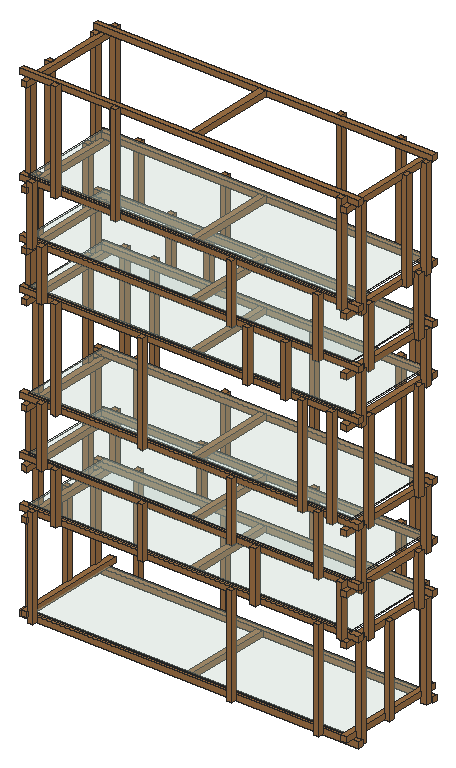
Revit family "OffCut-LivingDivani", category Furniture, Revit 2013
Parameters (values of type "OffCut")
  URL = "http://www.livingdivani.it"
  Model = "OffCut"
  Mat. Vetro = Glass, Green
  Mat. Struttura = Wood Shake
  Manufacturer = "Living Divani"
  Description = ""
  Codice prodotto = "OFCL125V"
Reference planes (cm)
  plane 1 "Centro (Fronte/Retro)": y = 0
  plane 2: z = 0
  plane 3 "Centro (Sinistra/Destra)": x = 0
Forms (cm)
  Extrusion 1, solid, material "Linen, White", not visible
    sketch origin (0, 0, 0) x (1, 0, 0) y (0, 0, 1)
      loop
        line (-85, 18) -> (-85, 29.1823)
        arc (-85, 29.1823) -> (-80.169, 48.2596) -> (-84.4597, 67.4656) r 42.4528
        arc (-84.4597, 67.4656) -> (-85.5057, 68.8949) -> (-86.9843, 69.8699) r 5
        arc (-86.9843, 69.8699) -> (-93.3299, 70.9774) -> (-99.4999, 69.1268) r 14.0026
        arc (-99.4999, 69.1268) -> (-99.866, 68.7608) -> (-100, 68.2607) r 1
        line (-100, 68.2607) -> (-100, 18) -> (-85, 18)
    from -55 to 28.969
  Extrusion 2, void, not visible
    sketch origin (0, 0, 0) x (1, 0, 0) y (0, 1, 0)
      loop
        line (-78.5519, 33.5519) -> (-78.5519, 56.4969) -> (-100, 56.4969) -> (-100, 55) -> (-78.5519, 33.5519)
    from 0 to 88.2421
  Extrusion 3, solid, material "Linen, White", not visible
    sketch origin (0, 0, 0) x (-1, 0, 0) y (0, 0, -1)
      loop
        line (-85, -18) -> (-100, -18) -> (-100, -68.2607)
        arc (-100, -68.2607) -> (-99.866, -68.7608) -> (-99.4999, -69.1268) r 1
        arc (-99.4999, -69.1268) -> (-93.3299, -70.9774) -> (-86.9843, -69.8699) r 14.0026
        arc (-86.9843, -69.8699) -> (-85.5057, -68.8949) -> (-84.4597, -67.4656) r 5
        arc (-84.4597, -67.4656) -> (-80.169, -48.2596) -> (-85, -29.1823) r 42.4528
        line (-85, -29.1823) -> (-85, -18)
    from -55 to 28.969
  Extrusion 4, void, not visible
    sketch origin (0, 0, 0) x (-1, 0, 0) y (0, -1, 0)
      loop
        line (-78.5519, -33.5519) -> (-100, -55) -> (-100, -56.4969) -> (-78.5519, -56.4969) -> (-78.5519, -33.5519)
    from 0 to 88.2421
  Extrusion 5, solid, material "Glass, Green" <- "Mat. Vetro"
    sketch origin (24.6962, 4.5, -10) x (1, 0, 0) y (0, 0, 1)
      loop
        line (-84.2962, 156) -> (34.7038, 156) -> (34.7038, 156.6) -> (-84.2962, 156.6) -> (-84.2962, 156)
      loop
        line (-84.2962, 136) -> (34.7038, 136) -> (34.7038, 136.6) -> (-84.2962, 136.6) -> (-84.2962, 136)
      loop
        line (-84.2962, 119) -> (34.7038, 119) -> (34.7038, 119.6) -> (-84.2962, 119.6) -> (-84.2962, 119)
      loop
        line (-84.2962, 84) -> (34.7038, 84) -> (34.7038, 84.6) -> (-84.2962, 84.6) -> (-84.2962, 84)
      loop
        line (-84.2962, 64) -> (34.7038, 64) -> (34.7038, 64.6) -> (-84.2962, 64.6) -> (-84.2962, 64)
      loop
        line (-84.2962, 47) -> (34.7038, 47) -> (34.7038, 47.6) -> (-84.2962, 47.6) -> (-84.2962, 47)
      loop
        line (-84.2962, 12) -> (34.7038, 12) -> (34.7038, 12.6) -> (-84.2962, 12.6) -> (-84.2962, 12)
    from -12.8742 to 22
  Extrusion 6, solid, material "Wood Shake" <- "Mat. Struttura"
    sketch origin (62, 148.8358, 0) x (0, -1, 0) y (0, 0, 1)
      loop
        line (132.8358, 179) -> (132.8358, 142) -> (134.8358, 142) -> (134.8358, 179) -> (132.8358, 179)
      loop
        line (141.8358, 179) -> (141.8358, 142) -> (143.8358, 142) -> (143.8358, 179) -> (141.8358, 179)
      loop
        line (162.8358, 179) -> (162.8358, 142) -> (164.8358, 142) -> (164.8358, 179) -> (162.8358, 179)
      loop
        line (136.3358, 122) -> (138.3358, 122) -> (138.3358, 144) -> (136.3358, 144) -> (136.3358, 122)
      loop
        line (159.3358, 144) -> (159.3358, 122) -> (161.3358, 122) -> (161.3358, 144) -> (159.3358, 144)
      loop
        line (162.8358, 124) -> (162.8358, 105) -> (164.8358, 105) -> (164.8358, 124) -> (162.8358, 124)
      loop
        line (134.8358, 105) -> (134.8358, 124) -> (132.8358, 124) -> (132.8358, 105) -> (134.8358, 105)
      loop
        line (136.3358, 107) -> (136.3358, 70) -> (138.3358, 70) -> (138.3358, 107) -> (136.3358, 107)
      loop
        line (159.3358, 70) -> (161.3358, 70) -> (161.3358, 107) -> (159.3358, 107) -> (159.3358, 70)
      loop
        line (162.8358, 50) -> (164.8358, 50) -> (164.8358, 72) -> (162.8358, 72) -> (162.8358, 50)
      loop
        line (134.8358, 72) -> (132.8358, 72) -> (132.8358, 50) -> (134.8358, 50) -> (134.8358, 72)
      loop
        line (138.3358, 52) -> (136.3358, 52) -> (136.3358, 33) -> (138.3358, 33) -> (138.3358, 52)
      loop
        line (159.3358, 52) -> (159.3358, 33) -> (161.3358, 33) -> (161.3358, 52) -> (159.3358, 52)
      loop
        line (132.8358, 35) -> (132.8358, 0) -> (134.8358, 0) -> (134.8358, 35) -> (132.8358, 35)
      loop
        line (149.8358, 35) -> (149.8358, 2) -> (151.8358, 2) -> (151.8358, 35) -> (149.8358, 35)
      loop
        line (162.8358, 35) -> (162.8358, 0) -> (164.8358, 0) -> (164.8358, 35) -> (162.8358, 35)
    from 0 to 2
  Extrusion 7, solid, material "Wood Shake" <- "Mat. Struttura"
    sketch origin (-60, -148.8358, 0) x (0, 1, 0) y (0, 0, -1)
      loop
        line (132.8358, -179) -> (134.8358, -179) -> (134.8358, -142) -> (132.8358, -142) -> (132.8358, -179)
      loop
        line (141.8358, -179) -> (143.8358, -179) -> (143.8358, -142) -> (141.8358, -142) -> (141.8358, -179)
      loop
        line (162.8358, -179) -> (164.8358, -179) -> (164.8358, -142) -> (162.8358, -142) -> (162.8358, -179)
      loop
        line (136.3358, -122) -> (136.3358, -144) -> (138.3358, -144) -> (138.3358, -122) -> (136.3358, -122)
      loop
        line (159.3358, -144) -> (161.3358, -144) -> (161.3358, -122) -> (159.3358, -122) -> (159.3358, -144)
      loop
        line (162.8358, -124) -> (164.8358, -124) -> (164.8358, -105) -> (162.8358, -105) -> (162.8358, -124)
      loop
        line (134.8358, -105) -> (132.8358, -105) -> (132.8358, -124) -> (134.8358, -124) -> (134.8358, -105)
      loop
        line (136.3358, -107) -> (138.3358, -107) -> (138.3358, -70) -> (136.3358, -70) -> (136.3358, -107)
      loop
        line (159.3358, -70) -> (159.3358, -107) -> (161.3358, -107) -> (161.3358, -70) -> (159.3358, -70)
      loop
        line (162.8358, -50) -> (162.8358, -72) -> (164.8358, -72) -> (164.8358, -50) -> (162.8358, -50)
      loop
        line (134.8358, -72) -> (134.8358, -50) -> (132.8358, -50) -> (132.8358, -72) -> (134.8358, -72)
      loop
        line (138.3358, -52) -> (138.3358, -33) -> (136.3358, -33) -> (136.3358, -52) -> (138.3358, -52)
      loop
        line (159.3358, -52) -> (161.3358, -52) -> (161.3358, -33) -> (159.3358, -33) -> (159.3358, -52)
      loop
        line (132.8358, -35) -> (134.8358, -35) -> (134.8358, 0) -> (132.8358, 0) -> (132.8358, -35)
      loop
        line (149.8358, -35) -> (151.8358, -35) -> (151.8358, -2) -> (149.8358, -2) -> (149.8358, -35)
      loop
        line (162.8358, -35) -> (164.8358, -35) -> (164.8358, 0) -> (162.8358, 0) -> (162.8358, -35)
    from 0 to 2
  Extrusion 8, solid, material "Wood Shake" <- "Mat. Struttura"
    sketch origin (0, -16, 0) x (1, 0, 0) y (0, 0, 1)
      loop
        line (-62.5, 181) -> (-62.5, 179) -> (62.5, 179) -> (62.5, 181) -> (-62.5, 181)
      loop
        line (-62.5, 146) -> (-62.5, 144) -> (62.5, 144) -> (62.5, 146) -> (-62.5, 146)
      loop
        line (-62.5, 126) -> (-62.5, 124) -> (62.5, 124) -> (62.5, 126) -> (-62.5, 126)
      loop
        line (-62.5, 109) -> (-62.5, 107) -> (62.5, 107) -> (62.5, 109) -> (-62.5, 109)
      loop
        line (-62.5, 74) -> (-62.5, 72) -> (62.5, 72) -> (62.5, 74) -> (-62.5, 74)
      loop
        line (-62.5, 54) -> (-62.5, 52) -> (62.5, 52) -> (62.5, 54) -> (-62.5, 54)
      loop
        line (-62.5, 37) -> (-62.5, 35) -> (62.5, 35) -> (62.5, 37) -> (-62.5, 37)
      loop
        line (-62.5, 2) -> (-62.5, 0) -> (62.5, 0) -> (62.5, 2) -> (-62.5, 2)
    from 0 to 2
  Extrusion 9, solid, material "Wood Shake" <- "Mat. Struttura"
    sketch origin (0, 16, 0) x (1, 0, 0) y (0, 0, -1)
      loop
        line (-62.5, -181) -> (62.5, -181) -> (62.5, -179) -> (-62.5, -179) -> (-62.5, -181)
      loop
        line (-62.5, -146) -> (62.5, -146) -> (62.5, -144) -> (-62.5, -144) -> (-62.5, -146)
      loop
        line (-62.5, -126) -> (62.5, -126) -> (62.5, -124) -> (-62.5, -124) -> (-62.5, -126)
      loop
        line (-62.5, -109) -> (62.5, -109) -> (62.5, -107) -> (-62.5, -107) -> (-62.5, -109)
      loop
        line (-62.5, -74) -> (62.5, -74) -> (62.5, -72) -> (-62.5, -72) -> (-62.5, -74)
      loop
        line (-62.5, -54) -> (62.5, -54) -> (62.5, -52) -> (-62.5, -52) -> (-62.5, -54)
      loop
        line (-62.5, -37) -> (62.5, -37) -> (62.5, -35) -> (-62.5, -35) -> (-62.5, -37)
      loop
        line (-62.5, -2) -> (62.5, -2) -> (62.5, 0) -> (-62.5, 0) -> (-62.5, -2)
    from 0 to 2
  Extrusion 10, solid, material "Wood Shake" <- "Mat. Struttura"
    sketch origin (-60, 0, 0) x (0, 1, 0) y (0, 0, 1)
      loop
        line (20.5, 179) -> (-20.5, 179) -> (-20.5, 177) -> (20.5, 177) -> (20.5, 179)
      loop
        line (20.5, 144) -> (-20.5, 144) -> (-20.5, 142) -> (20.5, 142) -> (20.5, 144)
      loop
        line (20.5, 124) -> (-20.5, 124) -> (-20.5, 122) -> (20.5, 122) -> (20.5, 124)
      loop
        line (20.5, 107) -> (-20.5, 107) -> (-20.5, 105) -> (20.5, 105) -> (20.5, 107)
      loop
        line (20.5, 72) -> (-20.5, 72) -> (-20.5, 70) -> (20.5, 70) -> (20.5, 72)
      loop
        line (20.5, 52) -> (-20.5, 52) -> (-20.5, 50) -> (20.5, 50) -> (20.5, 52)
      loop
        line (20.5, 35) -> (-20.5, 35) -> (-20.5, 33) -> (20.5, 33) -> (20.5, 35)
      loop
        line (20.5, 4) -> (-20.5, 4) -> (-20.5, 2) -> (20.5, 2) -> (20.5, 4)
    from 0 to 2
  Extrusion 11, solid, material "Wood Shake" <- "Mat. Struttura"
    sketch origin (60, 0, 0) x (0, 1, 0) y (0, 0, -1)
      loop
        line (20.5, -179) -> (20.5, -177) -> (-20.5, -177) -> (-20.5, -179) -> (20.5, -179)
      loop
        line (20.5, -144) -> (20.5, -142) -> (-20.5, -142) -> (-20.5, -144) -> (20.5, -144)
      loop
        line (20.5, -124) -> (20.5, -122) -> (-20.5, -122) -> (-20.5, -124) -> (20.5, -124)
      loop
        line (20.5, -107) -> (20.5, -105) -> (-20.5, -105) -> (-20.5, -107) -> (20.5, -107)
      loop
        line (20.5, -72) -> (20.5, -70) -> (-20.5, -70) -> (-20.5, -72) -> (20.5, -72)
      loop
        line (20.5, -52) -> (20.5, -50) -> (-20.5, -50) -> (-20.5, -52) -> (20.5, -52)
      loop
        line (20.5, -35) -> (20.5, -33) -> (-20.5, -33) -> (-20.5, -35) -> (20.5, -35)
      loop
        line (20.5, -4) -> (20.5, -2) -> (-20.5, -2) -> (-20.5, -4) -> (20.5, -4)
    from 0 to 2
  Extrusion 12, solid, material "Wood Shake" <- "Mat. Struttura"
    sketch origin (0, 0, 0) x (1, 0, 0) y (0, 0, 1)
      loop
        line (-1, 179) -> (1, 179) -> (1, 181) -> (-1, 181) -> (-1, 179)
      loop
        line (-1, 144) -> (1, 144) -> (1, 146) -> (-1, 146) -> (-1, 144)
      loop
        line (-1, 124) -> (1, 124) -> (1, 126) -> (-1, 126) -> (-1, 124)
      loop
        line (-1, 107) -> (1, 107) -> (1, 109) -> (-1, 109) -> (-1, 107)
      loop
        line (-1, 72) -> (1, 72) -> (1, 74) -> (-1, 74) -> (-1, 72)
      loop
        line (-1, 52) -> (1, 52) -> (1, 54) -> (-1, 54) -> (-1, 52)
      loop
        line (-1, 35) -> (1, 35) -> (1, 37) -> (-1, 37) -> (-1, 35)
      loop
        line (-2.2222, 0) -> (-0.2222, 0) -> (-0.2222, 2) -> (-2.2222, 2) -> (-2.2222, 0)
    from -16 to 16
  Extrusion 13, solid, material "Wood Shake" <- "Mat. Struttura"
    sketch origin (0, 18, 0) x (-1, 0, 0) y (0, 0, 1)
      loop
        line (-49.5, 181) -> (-49.5, 144) -> (-47.5, 144) -> (-47.5, 181) -> (-49.5, 181)
      loop
        line (-27.5, 181) -> (-27.5, 144) -> (-25.5, 144) -> (-25.5, 181) -> (-27.5, 181)
      loop
        line (56, 181) -> (56, 144) -> (58, 144) -> (58, 181) -> (56, 181)
      loop
        line (49.3, 146) -> (47.3, 146) -> (47.3, 124) -> (49.3, 124) -> (49.3, 146)
      loop
        line (17.3, 124) -> (17.3, 146) -> (15.3, 146) -> (15.3, 124) -> (17.3, 124)
      loop
        line (-56.2, 124) -> (-56.2, 146) -> (-58.2, 146) -> (-58.2, 124) -> (-56.2, 124)
      loop
        line (-54.7, 126) -> (-54.7, 107) -> (-52.7, 107) -> (-52.7, 126) -> (-54.7, 126)
      loop
        line (21.3, 126) -> (21.3, 107) -> (23.3, 107) -> (23.3, 126) -> (21.3, 126)
      loop
        line (35.3, 107) -> (37.3, 107) -> (37.3, 126) -> (35.3, 126) -> (35.3, 107)
      loop
        line (43.5, 109) -> (41.5, 109) -> (41.5, 72) -> (43.5, 72) -> (43.5, 109)
      loop
        line (54.5, 72) -> (54.5, 109) -> (52.5, 109) -> (52.5, 72) -> (54.5, 72)
      loop
        line (-15.5, 109) -> (-17.5, 109) -> (-17.5, 72) -> (-15.5, 72) -> (-15.5, 109)
      loop
        line (-47.5, 72) -> (-47.5, 109) -> (-49.5, 109) -> (-49.5, 72) -> (-47.5, 72)
      loop
        line (-54.7, 74) -> (-54.7, 52) -> (-52.7, 52) -> (-52.7, 74) -> (-54.7, 74)
      loop
        line (15.3, 52) -> (17.3, 52) -> (17.3, 74) -> (15.3, 74) -> (15.3, 52)
      loop
        line (47.5, 52) -> (49.3, 52) -> (49.3, 74) -> (47.5, 74) -> (47.5, 52)
      loop
        line (56, 54) -> (56, 35) -> (58, 35) -> (58, 54) -> (56, 54)
      loop
        line (49.3, 37) -> (47.5, 37) -> (47.5, 0) -> (49.3, 0) -> (49.3, 37)
      loop
        line (17.3, 37) -> (15.5, 37) -> (15.5, 0) -> (17.3, 0) -> (17.3, 37)
      loop
        line (-56.2, 37) -> (-58, 37) -> (-58, 0) -> (-56.2, 0) -> (-56.2, 37)
      loop
        line (24, 54) -> (24, 35) -> (26, 35) -> (26, 54) -> (24, 54)
      loop
        line (-17.5, 54) -> (-17.5, 35) -> (-15.5, 35) -> (-15.5, 54) -> (-17.5, 54)
      loop
        line (-49.5, 54) -> (-49.5, 35) -> (-47.5, 35) -> (-47.5, 54) -> (-49.5, 54)
    from 0 to 2
  Extrusion 14, solid, material "Wood Shake" <- "Mat. Struttura"
    sketch origin (0, -18, 0) x (1, 0, 0) y (0, 0, 1)
      loop
        line (-49.5, 181) -> (-49.5, 144) -> (-47.5, 144) -> (-47.5, 181) -> (-49.5, 181)
      loop
        line (-27.5, 181) -> (-27.5, 144) -> (-25.5, 144) -> (-25.5, 181) -> (-27.5, 181)
      loop
        line (56, 181) -> (56, 144) -> (58, 144) -> (58, 181) -> (56, 181)
      loop
        line (49.3, 146) -> (47.3, 146) -> (47.3, 124) -> (49.3, 124) -> (49.3, 146)
      loop
        line (17.3, 124) -> (17.3, 146) -> (15.3, 146) -> (15.3, 124) -> (17.3, 124)
      loop
        line (-56.2, 124) -> (-56.2, 146) -> (-58.2, 146) -> (-58.2, 124) -> (-56.2, 124)
      loop
        line (-54.7, 126) -> (-54.7, 107) -> (-52.7, 107) -> (-52.7, 126) -> (-54.7, 126)
      loop
        line (21.3, 126) -> (21.3, 107) -> (23.3, 107) -> (23.3, 126) -> (21.3, 126)
      loop
        line (35.3, 107) -> (37.3, 107) -> (37.3, 126) -> (35.3, 126) -> (35.3, 107)
      loop
        line (43.5, 109) -> (41.5, 109) -> (41.5, 72) -> (43.5, 72) -> (43.5, 109)
      loop
        line (54.5, 72) -> (54.5, 109) -> (52.5, 109) -> (52.5, 72) -> (54.5, 72)
      loop
        line (-15.5, 109) -> (-17.5, 109) -> (-17.5, 72) -> (-15.5, 72) -> (-15.5, 109)
      loop
        line (-47.5, 72) -> (-47.5, 109) -> (-49.5, 109) -> (-49.5, 72) -> (-47.5, 72)
      loop
        line (-54.7, 74) -> (-54.7, 52) -> (-52.7, 52) -> (-52.7, 74) -> (-54.7, 74)
      loop
        line (15.3, 52) -> (17.3, 52) -> (17.3, 74) -> (15.3, 74) -> (15.3, 52)
      loop
        line (47.5, 52) -> (49.3, 52) -> (49.3, 74) -> (47.5, 74) -> (47.5, 52)
      loop
        line (56, 54) -> (56, 35) -> (58, 35) -> (58, 54) -> (56, 54)
      loop
        line (49.3, 37) -> (47.5, 37) -> (47.5, 0) -> (49.3, 0) -> (49.3, 37)
      loop
        line (17.3, 37) -> (15.5, 37) -> (15.5, 0) -> (17.3, 0) -> (17.3, 37)
      loop
        line (-56.2, 37) -> (-58, 37) -> (-58, 0) -> (-56.2, 0) -> (-56.2, 37)
      loop
        line (24, 54) -> (24, 35) -> (26, 35) -> (26, 54) -> (24, 54)
      loop
        line (-17.5, 54) -> (-17.5, 35) -> (-15.5, 35) -> (-15.5, 54) -> (-17.5, 54)
      loop
        line (-49.5, 54) -> (-49.5, 35) -> (-47.5, 35) -> (-47.5, 54) -> (-49.5, 54)
    from 0 to 2
Lines and regions (cm)
  model lines, not visible
    curve 1: arc (142.5, 40, 40.4063) -> (142.5, -7.7258, 44.8408) -> (142.5, -55.6482, 43.9108) r 427.9768
    curve 2: arc (142.5, -55.6482, 43.9108) -> (142.5, -56.9941, 43.3917) -> (142.5, -57.8292, 42.2153) r 2.5
    curve 3: arc (142.5, -57.8292, 42.2153) -> (142.5, -58.6593, 36.9132) -> (142.5, -57.6808, 31.6365) r 15.9229
    curve 4: arc (142.5, -57.6808, 31.6365) -> (142.5, -56.765, 30.4495) -> (142.5, -55.3347, 30) r 2.5
    curve 5: line (350.8333, 40.8327, 61.8833) -> (350.8333, 44.8452, 76.858)
    curve 6: arc (350.8333, 19.2897, 45.6161) -> (350.8333, 23.0144, 61.3242) -> (350.8333, 28.8022, 76.3947) r 120.6881
    curve 7: line (350.8333, 42.4245, 80.0128) -> (350.8333, 34.5369, 80.0128)
    curve 8: arc (350.8333, 42.4245, 80.0128) -> (350.8333, 44.4127, 79.0323) -> (350.8333, 44.8452, 76.858) r 2.5061
    curve 9: arc (350.8333, 34.5369, 80.0128) -> (350.8333, 31.1465, 79.0327) -> (350.8333, 28.8022, 76.3947) r 6.3538
    curve 10: arc (350.8333, 21.3758, 42.8725) -> (350.8333, 19.7398, 43.7934) -> (350.8333, 19.2897, 45.6161) r 2.3659
    curve 11: arc (457.5, -41.1808, 29.528) -> (457.5, -40.2346, 28.4157) -> (457.5, -38.8347, 28) r 2.5652
    curve 12: arc (457.5, -41.3292, 42.2606) -> (457.5, -42.5488, 35.8792) -> (457.5, -41.1808, 29.528) r 16.3119
    curve 13: arc (457.5, -39.1482, 43.8503) -> (457.5, -40.4656, 43.3667) -> (457.5, -41.3292, 42.2606) r 2.5564
    curve 14: arc (457.5, 34.91, 41.2077) -> (457.5, -2.0467, 44.5571) -> (457.5, -39.1482, 43.8503) r 339.2674
    curve 15: arc (643.4167, 44.0083, 75.2794) -> (643.4167, 37.8383, 77.13) -> (643.4167, 31.4927, 76.0225) r 14.0026
    curve 16: arc (643.4167, 31.4927, 76.0225) -> (643.4167, 30.0141, 75.0475) -> (643.4167, 28.9681, 73.6182) r 5
    curve 17: arc (643.4167, 44.5084, 74.4133) -> (643.4167, 44.3744, 74.9134) -> (643.4167, 44.0083, 75.2794) r 1
    curve 18: line (643.4167, 44.5084, 24.1526) -> (643.4167, 44.5084, 74.4133)
    curve 19: arc (15, 39.4597, 67.4656) -> (15, 35.169, 48.2596) -> (15, 40, 29.1823) r 42.4528
    curve 20: arc (15, 41.9843, 69.8699) -> (15, 40.5057, 68.8949) -> (15, 39.4597, 67.4656) r 5
    curve 21: line (15, 55, 18) -> (15, 55, 68.2607)
    curve 22: arc (15, 55, 68.2607) -> (15, 54.866, 68.7608) -> (15, 54.4999, 69.1268) r 1
    curve 23: arc (15, 54.4999, 69.1268) -> (15, 48.3299, 70.9774) -> (15, 41.9843, 69.8699) r 14.0026
    curve 24: arc (0, -28.969, 37.1636) -> (0, -30.2309, 36.4485) -> (0, -30.8835, 35.1531) r 2.5
    curve 25: arc (0, 39.8911, 33.442) -> (0, 5.6044, 37.9554) -> (0, -28.969, 37.1636) r 225.0994
    curve 26: arc (0, -30.8835, 35.1531) -> (0, -31.5326, 27.5955) -> (0, -30.8835, 20.0379) r 44.3218
    curve 27: arc (0, -30.8835, 35.1531) -> (0, -31.5326, 27.5955) -> (0, -30.8835, 20.0379) r 44.3218
    curve 28: arc (91.6667, 39.8911, 38.442) -> (91.6667, 5.6044, 42.9554) -> (91.6667, -28.969, 42.1636) r 225.0994
    curve 29: arc (91.6667, -28.969, 42.1636) -> (91.6667, -30.2309, 41.4485) -> (91.6667, -30.8835, 40.1531) r 2.5
    curve 30: arc (91.6667, -30.8835, 40.1531) -> (91.6667, -31.5326, 32.5955) -> (91.6667, -30.8835, 25.0379) r 44.3218
    curve 31: arc (91.6667, -30.8835, 25.0379) -> (91.6667, -30.0394, 23.5895) -> (91.6667, -28.4701, 23) r 2.5
    curve 32: arc (643.4167, 29.3984, 39.5948) -> (643.4167, 25.1951, 57.0411) -> (643.4167, 29.3984, 74.4873) r 38.3075
    curve 33: arc (0, 54.4376, 69.1638) -> (0, 48.2677, 71.0144) -> (0, 41.9221, 69.9069) r 14.0026
    curve 34: arc (0, 41.9221, 69.9069) -> (0, 40.4434, 68.9319) -> (0, 39.3974, 67.5026) r 5
    curve 35: arc (0, 54.9377, 68.2977) -> (0, 54.8037, 68.7978) -> (0, 54.4376, 69.1638) r 1
    curve 36: line (0, 54.9377, 18.037) -> (0, 54.9377, 68.2977)
    curve 37: arc (0, 39.89, 33.4422) -> (0, 35.6867, 50.8419) -> (0, 39.8477, 68.2517) r 38.3075
Dimensions and locks (cm)
  aligned and locked: level to plane 2
